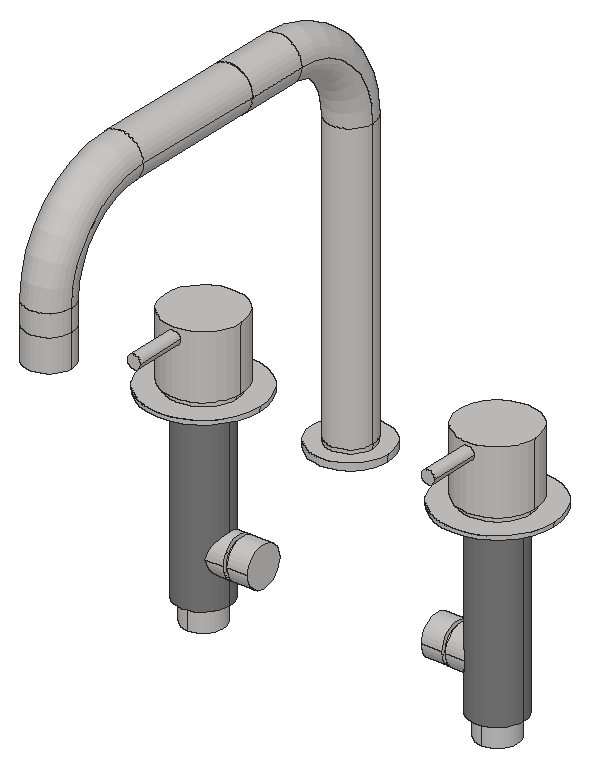
Revit family "SC6", category Generic Models, Revit 2021
Family settings
  Can host rebar = No
  Round Connector Dimension = Use Diameter
  Part Type = Normal
  Work Plane-Based = No
  Always vertical = Yes
  Cut with Voids When Loaded = No
  Shared = No
  Room Calculation Point = No
Parameters (values of type "Standard")
  e-mail = "info@vola.com"
  URL = "http://vola.com"
  Telephone = "+45 7023 5500"
  Quality management standard = "ISO 9001"
  Organisation no. / DUNS no. = "17531328"
  Occupational health and safety management standard = "ISO 18001"
  Mounting Instructions = "http://vola.com/service/producturl.ashx?name=SC6"
  Model = "SC6"
  Materials and components information = "http://vola.com/service/producturl.ashx?name=SC6"
  Manufacturer = "VOLA A/S"
  Maintenance Instructions = "http://vola.com/service/producturl.ashx?name=SC6"
  Guarantee = "2 years"
  Flow = "30,00 l/min"
  Environmental management standard = "ISO 14000"
  Default Elevation = 0.00 mm
  Connection - All relevant connections = "½\" for water connection"
  Approvals = "http://vola.com/service/producturl.ashx?name=SC6"
Reference planes
  plane 1 "Center (Front/Back)": y = 0
  plane 2: z = 0
  plane 3 "Center (Left/Right)": x = 0
Dimensions and locks
  aligned and locked: plane 2 to level
Nested families
  nested 1: "090D" at (0, 0, 0), type "090D"
  nested 2: "S50" at (78, 0, 0), type "S50"
  nested 3: "S50" at (-78, 0, 0) x (-1, 0, 0) z (0, 0, 1), type "S50"
  nested 4: "001" at (78, 0, 0), type "001"
  nested 5: "001" at (-78, 0, 0), type "001"
Connectors
  piping at (-78, 0, -110), diameter 20.9
    settings: on nested 3, index 1, connector inside diameter 0.82283", connector length 0.00 mm, flow factor 0, pipe flow 0 GPM, pressure drop 0.00 psi, fitting loss kfactor 0, connector angle 0.00°, fixture units 0, engagement length 0.00 mm, angle of deflection 0.00°, flow configuration 0, flow direction 1, fitting loss method 0, system type 19, joint type 0, gender type 0, connector reference index -1, connector utility 0, adjustable connector no, is connector primary yes, connector description ""
  piping at (78, 0, -110), diameter 20.9
    settings: on nested 2, index 2, connector inside diameter 0.82283", connector length 0.00 mm, flow factor 0, pipe flow 0 GPM, pressure drop 0.00 psi, fitting loss kfactor 0, connector angle 0.00°, fixture units 0, engagement length 0.00 mm, angle of deflection 0.00°, flow configuration 0, flow direction 1, fitting loss method 0, system type 20, joint type 0, gender type 0, connector reference index -1, connector utility 0, adjustable connector no, is connector primary no, connector description ""
Definition of nested family "090D"
  Parameters
    e-mail = "info@vola.com"
    URL = "http://vola.com"
    Telephone = "+45 7023 5500"
    Quality management standard = "ISO 9001"
    Organisation no. / DUNS no. = "17531328"
    Occupational health and safety management standard = "ISO 18001"
    Mounting Instructions = "http://vola.com/service/producturl.ashx?name=090D"
    Model = "090D"
    Materials and components information = "http://vola.com/service/producturl.ashx?name=090D"
    Manufacturer = "VOLA A/S"
    Maintenance Instructions = "http://vola.com/service/producturl.ashx?name=090D"
    Guarantee = "2 years"
    Environmental management standard = "ISO 14000"
    Default Elevation = 0.00 mm
    Connection - All relevant connections = ""
    Approvals = "http://vola.com/service/producturl.ashx?name=090D"
  Reference planes
    plane 1 "Center (Front/Back)": y = 0
    plane 2: z = 0
    plane 3 "Center (Left/Right)": x = 0
  Forms (mm)
    Sweep 1, solid
      path origin (0, 0, -1) x (0, 1, 0) y (0, 0, 1)
        loop
          line (0, 6.5) -> (0, 159)
          arc (0, 159) -> (-13.912, 192.588) -> (-47.5, 206.5) r 47.5
          line (-47.5, 206.5) -> (-80, 206.5)
      profile origin (0, 0, 81.75) x (0, -1, 0) y (1, 0, 0)
        loop
          circle (0, 0) r 12
    Extrusion 2, solid
      sketch origin (0, 0, 0) x (1, 0, 0) y (0, 1, 0)
        loop
          circle (0, 0) r 20
      from 0 to 3.5
    Extrusion 3, solid
      sketch origin (0, 0, 3.5) x (1, 0, 0) y (0, 1, 0)
        loop
          circle (0, 0) r 12
      from 0 to 2
    Sweep 4, solid
      path origin (0, 0, 1.5) x (0, 1, 0) y (0, 0, 1)
        loop
          line (-80, 204) -> (-152.5, 204)
          arc (-152.5, 204) -> (-186.088, 190.088) -> (-200, 156.5) r 47.5
          line (-200, 156.5) -> (-200, 145)
      profile origin (0, -116.25, 205.5) x (0, 0, -1) y (1, 0, 0)
        loop
          circle (0, 0) r 12
    Extrusion 5, solid
      sketch origin (0, -200, 146.5) x (0, -1, 0) y (-1, 0, 0)
        loop
          circle (0, 0) r 12
      from 0 to 17.2
  Cuts and joins
    joined: Sweep 1, Extrusion 2
  Dimensions and locks
    aligned and locked: plane 2 to level
Definition of nested family "S50"
  Parameters
    e-mail = "info@vola.com"
    URL = "http://vola.com"
    Telephone = "+45 7023 5500"
    Quality management standard = "ISO 9001"
    Organisation no. / DUNS no. = "17531328"
    Occupational health and safety management standard = "ISO 18001"
    Mounting Instructions = "http://vola.com/service/producturl.ashx?name=S50"
    Model = "S50"
    Materials and components information = "http://vola.com/service/producturl.ashx?name=S50"
    Manufacturer = "VOLA A/S"
    Maintenance Instructions = "http://vola.com/service/producturl.ashx?name=S50"
    Guarantee = "2 years"
    Flow = "32,00 l/min"
    Environmental management standard = "ISO 14000"
    Default Elevation = 0.00 mm
    Connection - All relevant connections = "½\" for water connection"
    Approvals = "http://vola.com/service/producturl.ashx?name=S50"
  Reference planes
    plane 1 "Center (Front/Back)": y = 0
    plane 2: z = 0
    plane 3 "Center (Left/Right)": x = 0
  Forms (mm)
    Extrusion 1, solid
      sketch origin (0, 0, 2) x (1, 0, 0) y (0, 1, 0)
        loop
          circle (0, 0) r 18
      from 0 to 3
    Extrusion 2, solid
      sketch origin (0, 0, 5) x (1, 0, 0) y (0, 1, 0)
        loop
          circle (0, 0) r 20
      from 0 to 33.5
    Extrusion 3, solid
      sketch origin (0, 0, -1.25) x (1, 0, 0) y (0, 0, 1)
        loop
          circle (0, 34.5) r 3.5
      from 0 to 46
    Extrusion 4, solid
      sketch origin (0, 0, 0) x (1, 0, 0) y (0, 1, 0)
        loop
          circle (0, 0) r 14
      from 2 to -98
    Extrusion 5, solid
      sketch origin (0, 0, -98) x (0, 1, 0) y (1, 0, 0)
        loop
          circle (0, 0) r 9
      from 0 to 2
    Extrusion 6, solid
      sketch origin (0, 0, -100) x (-1, 0, 0) y (0, 1, 0)
        loop
          circle (0, 0) r 10.45
      from 10 to 0
    Extrusion 7, solid
      sketch origin (0, 0, 25) x (0, 1, 0) y (0, 0, 1)
        loop
          circle (0, -98) r 10.5
      from -19 to 0
    Extrusion 8, solid
      sketch origin (-19, 0, 25) x (0, -1, 0) y (0, 0, 1)
        loop
          circle (0, -98) r 9
      from 2 to 0
    Extrusion 9, solid
      sketch origin (-21, 0, 25) x (0, -1, 0) y (0, 0, 1)
        loop
          circle (0, -98) r 10.45
      from 11 to 0
    Extrusion 10, void
      sketch origin (0, 0, -98) x (1, 0, 0) y (0, 1, 0)
        loop
          circle (0, 0) r 14
      from 41.193 to 9.651
  Cuts and joins
    joined: Extrusion 2, Extrusion 3
    Extrusion 10 cuts Extrusion 5
    Extrusion 10 cuts Extrusion 7
  Lines and regions (mm)
    reference lines
      curve 1: line (0, 0, -110) -> (0, 0, -140)
      curve 2: line (-32, 0, -73) -> (-62, 0, -73)
    model lines
      curve 3: line (6.05, 19.063, 38.5) -> (6.05, -19.063, 38.5)
      curve 4: line (-6.05, -19.063, 38.5) -> (-6.05, 19.063, 38.5)
  Dimensions and locks
    aligned and locked: plane 2 to level
Definition of nested family "001"
  Parameters
    e-mail = "info@vola.com"
    URL = "http://vola.com"
    Telephone = "+45 7023 5500"
    Quality management standard = "ISO 9001"
    Organisation no. / DUNS no. = "17531328"
    Occupational health and safety management standard = "ISO 18001"
    Mounting Instructions = "http://vola.com/service/producturl.ashx?name=001"
    Model = "001"
    Materials and components information = "http://vola.com/service/producturl.ashx?name=001"
    Manufacturer = "VOLA A/S"
    Maintenance Instructions = "http://vola.com/service/producturl.ashx?name=001"
    Guarantee = "2 years"
    Environmental management standard = "ISO 14000"
    Default Elevation = 1219.20 mm
    Connection - All relevant connections = ""
    Approvals = "http://vola.com/service/producturl.ashx?name=001"
  Reference planes
    plane 1 "Center (Front/Back)": y = 0
    plane 2: z = 0
    plane 3 "Center (Left/Right)": x = 0
  Forms (mm)
    Extrusion 1, solid
      sketch origin (0, 0, 0) x (1, 0, 0) y (0, 1, 0)
        loop
          circle (0, 0) r 16.5
        loop
          circle (0, 0) r 30
      from 0 to 2
  Dimensions and locks
    aligned and locked: plane 2 to level
